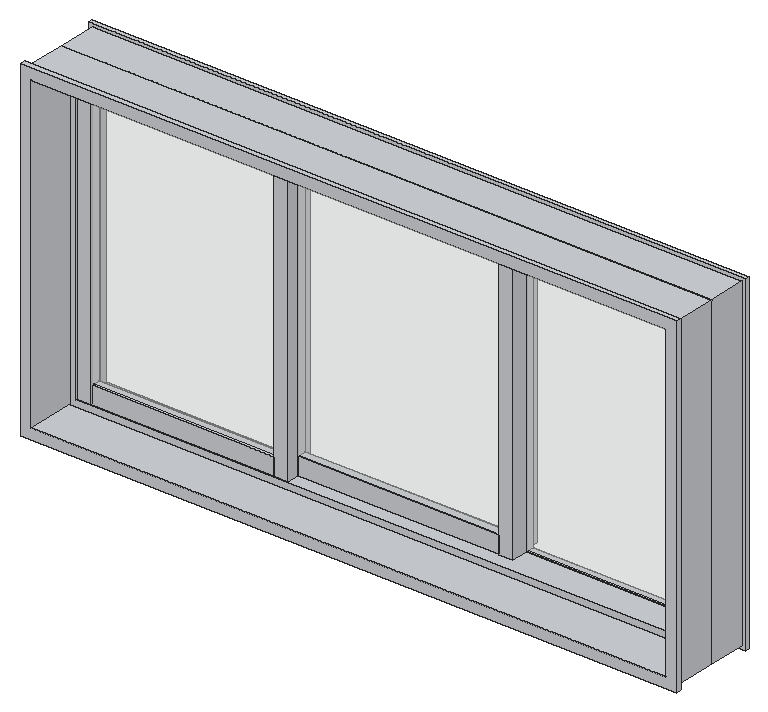
Revit family "APL Residential Thermal Heart Sliding Window SSF", category Windows, host Wall, Revit 2017 (continued)
Definition of nested family "APL Residential Thermal Heart Sliding Window SSF Horizontal Section"
  Definition of nested family "Jamb Multislider Fixed"
    Definition of nested family "65410_Frame"
      Lines and regions (mm)
        model lines, in view "Ref. Level"
          curve 124: arc (63.285, -12.958, 0) -> (64.2, -13.2, 0) -> (65.115, -12.958, 0) r 1.85
          curve 125: arc (65.115, -12.958, 0) -> (65.281, -12.888, 0) -> (65.459, -12.86, 0) r 0.75
          curve 126: arc (65.459, -12.86, 0) -> (65.663, -12.808, 0) -> (65.828, -12.676, 0) r 0.5
          curve 127: arc (65.828, -12.676, 0) -> (66.3, -11.35, 0) -> (65.828, -10.024, 0) r 2.1
          curve 128: arc (65.828, -10.024, 0) -> (65.663, -9.892, 0) -> (65.459, -9.84, 0) r 0.5
          curve 129: arc (65.459, -9.84, 0) -> (65.281, -9.812, 0) -> (65.115, -9.742, 0) r 0.75
          curve 130: arc (65.115, -9.742, 0) -> (63.721, -9.563, 0) -> (62.604, -10.415, 0) r 1.85
          curve 131: arc (62.604, -10.415, 0) -> (61.577, -10.683, 0) -> (61.309, -9.657, 0) r 0.75
          curve 132: arc (61.309, -9.657, 0) -> (62.349, -8.558, 0) -> (63.765, -8.028, 0) r 3.35
          curve 133: arc (63.765, -8.028, 0) -> (64.076, -7.862, 0) -> (64.2, -7.533, 0) r 0.5
          curve 134: arc (64.2, 1.517, 0) -> (64.489, 3.435, 0) -> (65.33, 5.182, 0) r 6.5
          curve 135: arc (65.33, 5.182, 0) -> (65.978, 6.526, 0) -> (66.2, 8, 0) r 5
          curve 136: arc (66.2, 17.1, 0) -> (66.054, 17.454, 0) -> (65.7, 17.6, 0) r 0.5
          curve 137: arc (47, 17.6, 0) -> (46.646, 17.454, 0) -> (46.5, 17.1, 0) r 0.5
          curve 138: arc (46.5, 12.5, 0) -> (46.409, 11.986, 0) -> (46.147, 11.533, 0) r 1.5
          curve 139: arc (24.183, -15.774, 0) -> (24.053, -15.838, 0) -> (24, -15.973, 0) r 0.2
          curve 140: arc (24.399, -18.321, 0) -> (24.668, -18.608, 0) -> (25.06, -18.613, 0) r 0.5
          curve 141: arc (25.06, -18.613, 0) -> (25.211, -18.697, 0) -> (25.38, -18.663, 0) r 0.25
          curve 142: arc (25.466, -18.611, 0) -> (25.572, -18.479, 0) -> (25.569, -18.309, 0) r 0.25
          curve 143: arc (26.823, -17.544, 0) -> (26.898, -17.511, 0) -> (26.979, -17.5, 0) r 0.3
          curve 144: arc (27.5, -17.5, 0) -> (27.658, -17.578, 0) -> (27.694, -17.75, 0) r 0.2
          curve 145: arc (27.5, -21.753, 0) -> (27.526, -21.875, 0) -> (27.6, -21.976, 0) r 0.3
          curve 146: arc (27.6, -21.976, 0) -> (27.68, -22.307, 0) -> (27.4, -22.5, 0) r 0.3
          curve 147: arc (25.179, -21.957, 0) -> (25.09, -21.905, 0) -> (25.038, -21.816, 0) r 0.2
          curve 148: arc (24.993, -21.648, 0) -> (24.852, -21.507, 0) -> (24.659, -21.559, 0) r 0.2
          curve 149: arc (24.295, -21.922, 0) -> (24.235, -22.008, 0) -> (24.208, -22.108, 0) r 0.3
          curve 150: arc (24.001, -24.474, 0) -> (24.117, -24.738, 0) -> (24.403, -24.782, 0) r 0.3
          curve 151: arc (25.813, -24.268, 0) -> (25.939, -24.181, 0) -> (26.005, -24.043, 0) r 0.3
          curve 152: arc (26.005, -24.043, 0) -> (26.278, -23.801, 0) -> (26.583, -24, 0) r 0.3
          curve 153: arc (28.9, -24, 0) -> (29.254, -23.854, 0) -> (29.4, -23.5, 0) r 0.5
          curve 154: arc (29.4, -17.9, 0) -> (29.546, -17.546, 0) -> (29.9, -17.4, 0) r 0.499
          curve 155: arc (37.767, -17.4, 0) -> (38.931, -17.165, 0) -> (39.913, -16.497, 0) r 2.996
          curve 156: arc (39.913, -16.497, 0) -> (40.232, -16.27, 0) -> (40.611, -16.169, 0) r 1.1
          curve 157: arc (68.1, -15.1, 0) -> (68.241, -15.159, 0) -> (68.3, -15.3, 0) r 0.2
          curve 158: arc (68.3, -23.5, 0) -> (68.446, -23.854, 0) -> (68.8, -24, 0) r 0.5
          curve 159: arc (71.117, -24, 0) -> (71.422, -23.801, 0) -> (71.695, -24.043, 0) r 0.3
          curve 160: arc (71.695, -24.043, 0) -> (71.761, -24.181, 0) -> (71.887, -24.268, 0) r 0.3
          curve 161: arc (73.297, -24.782, 0) -> (73.583, -24.738, 0) -> (73.699, -24.474, 0) r 0.3
          curve 162: arc (73.492, -22.108, 0) -> (73.465, -22.008, 0) -> (73.405, -21.922, 0) r 0.3
          curve 163: arc (73.041, -21.559, 0) -> (72.848, -21.507, 0) -> (72.707, -21.648, 0) r 0.2
          curve 164: arc (72.662, -21.816, 0) -> (72.61, -21.905, 0) -> (72.521, -21.957, 0) r 0.2
          curve 165: arc (70.3, -22.5, 0) -> (70.02, -22.307, 0) -> (70.1, -21.976, 0) r 0.3
          curve 166: arc (70.1, -21.976, 0) -> (70.174, -21.875, 0) -> (70.2, -21.753, 0) r 0.3
          curve 167: arc (70.006, -17.75, 0) -> (70.042, -17.578, 0) -> (70.2, -17.5, 0) r 0.2
          curve 168: arc (70.721, -17.5, 0) -> (70.802, -17.511, 0) -> (70.877, -17.544, 0) r 0.3
          curve 169: arc (72.131, -18.309, 0) -> (72.128, -18.479, 0) -> (72.234, -18.611, 0) r 0.25
          curve 170: arc (72.32, -18.663, 0) -> (72.572, -18.668, 0) -> (72.7, -18.45, 0) r 0.25
          curve 171: arc (72.7, -16.876, 0) -> (72.618, -16.478, 0) -> (72.385, -16.146, 0) r 1
          curve 172: arc (72.385, -16.146, 0) -> (72.322, -16, 0) -> (72.385, -15.854, 0) r 0.2
          curve 173: arc (72.385, -15.854, 0) -> (72.618, -15.523, 0) -> (72.7, -15.126, 0) r 1
          curve 174: arc (72.7, -13.551, 0) -> (72.573, -13.332, 0) -> (72.32, -13.337, 0) r 0.25
          curve 175: arc (72.234, -13.389, 0) -> (72.128, -13.521, 0) -> (72.131, -13.691, 0) r 0.25
          curve 176: arc (70.877, -14.456, 0) -> (70.802, -14.489, 0) -> (70.721, -14.5, 0) r 0.3
          curve 177: arc (70.2, -14.5, 0) -> (70.042, -14.422, 0) -> (70.006, -14.25, 0) r 0.2
          curve 178: arc (70.2, -10.247, 0) -> (70.174, -10.124, 0) -> (70.1, -10.024, 0) r 0.3
          curve 179: arc (70.1, -10.024, 0) -> (70.02, -9.693, 0) -> (70.3, -9.5, 0) r 0.3
          curve 180: arc (72.521, -10.043, 0) -> (72.61, -10.095, 0) -> (72.662, -10.184, 0) r 0.2
          curve 181: arc (72.707, -10.352, 0) -> (72.848, -10.493, 0) -> (73.041, -10.441, 0) r 0.2
          curve 182: arc (73.405, -10.078, 0) -> (73.465, -9.992, 0) -> (73.492, -9.892, 0) r 0.3
          curve 183: arc (73.699, -7.526, 0) -> (73.583, -7.262, 0) -> (73.297, -7.218, 0) r 0.3
          curve 184: arc (71.887, -7.732, 0) -> (71.761, -7.819, 0) -> (71.695, -7.957, 0) r 0.3
          curve 185: arc (71.695, -7.957, 0) -> (71.422, -8.199, 0) -> (71.117, -8, 0) r 0.3
          curve 186: arc (66.201, -8, 0) -> (65.847, -7.854, 0) -> (65.7, -7.5, 0) r 0.5
          curve 187: arc (65.7, 1.519, 0) -> (65.922, 2.994, 0) -> (66.57, 4.337, 0) r 5
          curve 188: arc (66.57, 4.337, 0) -> (67.411, 6.083, 0) -> (67.7, 8, 0) r 6.5
          curve 189: arc (67.7, 9.1, 0) -> (67.759, 9.241, 0) -> (67.9, 9.3, 0) r 0.2
          curve 190: arc (69.3, 9.3, 0) -> (69.441, 9.241, 0) -> (69.5, 9.1, 0) r 0.2
          curve 191: arc (69.5, 8.8, 0) -> (70, 8.299, 0) -> (70.5, 8.8, 0) r 0.5
          curve 192: arc (70.5, 11.351, 0) -> (69.999, 11.85, 0) -> (69.5, 11.35, 0) r 0.5
          curve 193: arc (69.5, 10.5, 0) -> (69.441, 10.359, 0) -> (69.3, 10.3, 0) r 0.2
          curve 194: arc (67.9, 10.3, 0) -> (67.759, 10.359, 0) -> (67.7, 10.5, 0) r 0.2
          curve 195: arc (67.7, 17.8, 0) -> (67.759, 17.941, 0) -> (67.9, 18, 0) r 0.2
          curve 196: arc (69.3, 18, 0) -> (69.441, 17.941, 0) -> (69.5, 17.8, 0) r 0.2
          curve 197: arc (69.5, 16.95, 0) -> (70, 16.449, 0) -> (70.5, 16.95, 0) r 0.5
          curve 198: arc (70.5, 18.499, 0) -> (70.354, 18.853, 0) -> (70, 19, 0) r 0.5
          curve 199: arc (42.7, 19, 0) -> (42.559, 18.941, 0) -> (42.5, 18.8, 0) r 0.2
          curve 200: arc (42.5, 17.25, 0) -> (43, 16.749, 0) -> (43.5, 17.25, 0) r 0.5
          curve 201: arc (43.5, 17.8, 0) -> (43.559, 17.941, 0) -> (43.7, 18, 0) r 0.2
          curve 202: arc (44.8, 18, 0) -> (44.941, 17.941, 0) -> (45, 17.8, 0) r 0.2
          curve 203: arc (45, 12.7, 0) -> (44.941, 12.559, 0) -> (44.8, 12.5, 0) r 0.2
          curve 204: arc (43.7, 12.5, 0) -> (43.559, 12.559, 0) -> (43.5, 12.7, 0) r 0.2
          curve 205: arc (43.5, 13.25, 0) -> (43, 13.749, 0) -> (42.5, 13.25, 0) r 0.5
          curve 206: arc (42.5, 12.5, 0) -> (42.793, 11.793, 0) -> (43.5, 11.5, 0) r 1
          curve 207: arc (44.395, 11.5, 0) -> (44.539, 11.443, 0) -> (44.6, 11.3, 0) r 0.202
          curve 208: arc (44.6, 0.2, 0) -> (44.538, 0.058, 0) -> (44.395, 0, 0) r 0.205
          curve 209: arc (26.583, 0, 0) -> (26.278, -0.199, 0) -> (26.005, 0.043, 0) r 0.3
          curve 210: arc (26.005, 0.043, 0) -> (25.939, 0.181, 0) -> (25.813, 0.268, 0) r 0.3
          curve 211: arc (24.403, 0.782, 0) -> (24.117, 0.738, 0) -> (24.001, 0.474, 0) r 0.3
          curve 212: arc (24.208, -1.892, 0) -> (24.235, -1.992, 0) -> (24.295, -2.078, 0) r 0.3
          curve 213: arc (24.659, -2.441, 0) -> (24.852, -2.493, 0) -> (24.993, -2.352, 0) r 0.2
          curve 214: arc (25.038, -2.184, 0) -> (25.09, -2.095, 0) -> (25.179, -2.043, 0) r 0.2
          curve 215: arc (27.4, -1.5, 0) -> (27.68, -1.693, 0) -> (27.6, -2.024, 0) r 0.3
          curve 216: arc (27.6, -2.024, 0) -> (27.526, -2.125, 0) -> (27.5, -2.247, 0) r 0.3
          curve 217: arc (27.694, -6.25, 0) -> (27.658, -6.422, 0) -> (27.5, -6.5, 0) r 0.2
          curve 218: arc (26.979, -6.5, 0) -> (26.898, -6.489, 0) -> (26.823, -6.456, 0) r 0.3
          curve 219: arc (25.569, -5.691, 0) -> (25.572, -5.521, 0) -> (25.466, -5.389, 0) r 0.25
          curve 220: arc (25.38, -5.337, 0) -> (25.128, -5.332, 0) -> (25, -5.55, 0) r 0.25
          curve 221: arc (25, -7.126, 0) -> (25.128, -7.615, 0) -> (25.479, -7.979, 0) r 1
          curve 222: line (46.1, 11.405, 0) -> (46.1, 0.2, 0)
          curve 223: line (44.4, -1.5, 0) -> (29.9, -1.5, 0)
          curve 224: line (29.4, -2, 0) -> (29.4, -15.099, 0)
          curve 225: line (29.9, -15.6, 0) -> (36.605, -15.6, 0)
          curve 226: line (39.189, -14.379, 0) -> (53.629, -13.2, 0)
          curve 227: line (53.629, -13.2, 0) -> (62.286, -13.2, 0)
          curve 228: line (64.2, -7.533, 0) -> (64.2, 1.517, 0)
          curve 229: line (66.2, 8, 0) -> (66.2, 17.1, 0)
          curve 230: line (65.7, 17.6, 0) -> (47, 17.6, 0)
          curve 231: line (46.5, 17.1, 0) -> (46.5, 12.5, 0)
          curve 232: line (27.317, -15.499, 0) -> (24.183, -15.774, 0)
          curve 233: line (24, -15.973, 0) -> (24, -17.189, 0)
          curve 234: line (24, -17.189, 0) -> (24.399, -18.321, 0)
          curve 235: line (25.569, -18.309, 0) -> (26.823, -17.544, 0)
          curve 236: line (26.823, -17.544, 0) -> (27.5, -17.5, 0)
          curve 237: line (27.694, -17.75, 0) -> (27.5, -18.5, 0)
          curve 238: line (27.506, -18.475, 0) -> (27.5, -21.753, 0)
          curve 239: line (27.246, -22.5, 0) -> (25.179, -21.957, 0)
          curve 240: line (25.179, -21.957, 0) -> (24.993, -21.648, 0)
          curve 241: line (24.659, -21.559, 0) -> (24.295, -21.922, 0)
          curve 242: line (24.208, -22.108, 0) -> (24.001, -24.474, 0)
          curve 243: line (24.403, -24.782, 0) -> (25.813, -24.268, 0)
          curve 244: line (26.583, -24, 0) -> (28.9, -24, 0)
          curve 245: line (29.4, -23.5, 0) -> (29.4, -17.9, 0)
          curve 246: line (29.9, -17.4, 0) -> (33.5, -17.4, 0)
          curve 247: line (33.5, -17.4, 0) -> (33.9, -17, 0)
          curve 248: line (33.9, -17, 0) -> (34.3, -17.4, 0)
          curve 249: line (34.3, -17.4, 0) -> (37.767, -17.4, 0)
          curve 250: line (40.611, -16.169, 0) -> (53.707, -15.1, 0)
          curve 251: line (53.707, -15.1, 0) -> (58.307, -15.1, 0)
          curve 252: line (58.307, -15.1, 0) -> (58.707, -14.7, 0)
          curve 253: line (58.707, -14.7, 0) -> (59.107, -15.1, 0)
          curve 254: line (59.107, -15.1, 0) -> (68.1, -15.1, 0)
          curve 255: line (68.3, -15.3, 0) -> (68.3, -23.5, 0)
          curve 256: line (68.8, -24, 0) -> (71.117, -24, 0)
          curve 257: line (71.887, -24.268, 0) -> (73.297, -24.782, 0)
          curve 258: line (73.699, -24.474, 0) -> (73.492, -22.108, 0)
          curve 259: line (73.405, -21.922, 0) -> (73.041, -21.559, 0)
          curve 260: line (72.707, -21.648, 0) -> (72.662, -21.816, 0)
          curve 261: line (72.662, -21.816, 0) -> (70.532, -22.49, 0)
          curve 262: line (70.532, -22.49, 0) -> (70.3, -22.5, 0)
          curve 263: line (70.2, -21.753, 0) -> (70.2, -18.525, 0)
          curve 264: line (70.2, -18.525, 0) -> (70.006, -17.75, 0)
          curve 265: line (70.2, -17.5, 0) -> (70.721, -17.5, 0)
          curve 266: line (70.721, -17.5, 0) -> (72.131, -18.309, 0)
          curve 267: line (72.7, -18.45, 0) -> (72.7, -16.876, 0)
          curve 268: line (72.7, -15.126, 0) -> (72.7, -13.551, 0)
          curve 269: line (72.131, -13.691, 0) -> (70.877, -14.456, 0)
          curve 270: line (70.877, -14.456, 0) -> (70.2, -14.5, 0)
          curve 271: line (70.006, -14.25, 0) -> (70.2, -13.5, 0)
          curve 272: line (70.194, -13.525, 0) -> (70.2, -10.248, 0)
          curve 273: line (70.454, -9.5, 0) -> (72.521, -10.043, 0)
          curve 274: line (72.521, -10.043, 0) -> (72.707, -10.352, 0)
          curve 275: line (73.041, -10.441, 0) -> (73.405, -10.078, 0)
          curve 276: line (73.492, -9.892, 0) -> (73.699, -7.526, 0)
          curve 277: line (73.297, -7.218, 0) -> (71.887, -7.732, 0)
          curve 278: line (71.117, -8, 0) -> (66.201, -8, 0)
          curve 279: line (65.7, -7.5, 0) -> (65.7, 1.519, 0)
          curve 280: line (67.7, 8, 0) -> (67.7, 9.1, 0)
          curve 281: line (67.9, 9.3, 0) -> (69.3, 9.3, 0)
          curve 282: line (69.5, 9.1, 0) -> (69.5, 8.8, 0)
          curve 283: line (70.5, 8.8, 0) -> (70.5, 11.351, 0)
          curve 284: line (69.5, 11.35, 0) -> (69.5, 10.5, 0)
          curve 285: line (69.3, 10.3, 0) -> (67.9, 10.3, 0)
          curve 286: line (67.7, 10.5, 0) -> (67.7, 17.8, 0)
          curve 287: line (67.9, 18, 0) -> (69.3, 18, 0)
          curve 288: line (69.5, 17.8, 0) -> (69.5, 16.95, 0)
          curve 289: line (70.5, 16.95, 0) -> (70.5, 18.499, 0)
          curve 290: line (70, 19, 0) -> (42.7, 19, 0)
          curve 291: line (42.5, 18.8, 0) -> (42.5, 17.25, 0)
          curve 292: line (43.5, 17.25, 0) -> (43.5, 17.8, 0)
          curve 293: line (43.7, 18, 0) -> (44.8, 18, 0)
          curve 294: line (45, 17.8, 0) -> (45, 12.7, 0)
          curve 295: line (44.8, 12.5, 0) -> (43.7, 12.5, 0)
          curve 296: line (43.5, 12.7, 0) -> (43.5, 13.25, 0)
          curve 297: line (42.5, 13.25, 0) -> (42.5, 12.5, 0)
          curve 298: line (43.5, 11.5, 0) -> (44.395, 11.5, 0)
          curve 299: line (44.6, 11.3, 0) -> (44.6, 0.2, 0)
          curve 300: line (44.395, 0, 0) -> (34.3, 0, 0)
          curve 301: line (34.3, 0, 0) -> (33.9, -0.4, 0)
          curve 302: line (33.9, -0.4, 0) -> (33.5, 0, 0)
          curve 303: line (33.5, 0, 0) -> (26.583, 0, 0)
          curve 304: line (25.813, 0.268, 0) -> (24.403, 0.782, 0)
          curve 305: line (24.001, 0.474, 0) -> (24.208, -1.892, 0)
          curve 306: line (24.295, -2.078, 0) -> (24.659, -2.441, 0)
          curve 307: line (24.993, -2.352, 0) -> (25.038, -2.184, 0)
          curve 308: line (25.038, -2.184, 0) -> (27.168, -1.51, 0)
          curve 309: line (27.168, -1.51, 0) -> (27.4, -1.5, 0)
          curve 310: line (27.5, -2.247, 0) -> (27.5, -5.475, 0)
          curve 311: line (27.5, -5.475, 0) -> (27.694, -6.25, 0)
          curve 312: line (27.5, -6.5, 0) -> (26.979, -6.5, 0)
          curve 313: line (26.979, -6.5, 0) -> (25.569, -5.691, 0)
          curve 314: line (25, -5.55, 0) -> (25, -7.126, 0)
          curve 315: line (25.479, -7.979, 0) -> (26.284, -8.471, 0)
          curve 316: line (26.284, -8.471, 0) -> (27.5, -8.5, 0)
          curve 317: line (27.5, -8.5, 0) -> (27.5, -15.3, 0)
          curve 318: arc (27.5, -15.3, 0) -> (27.447, -15.435, 0) -> (27.317, -15.499, 0) r 0.2
          curve 319: arc (12.7, -21.8, 0) -> (12.817, -22.083, 0) -> (13.1, -22.2, 0) r 0.4
          curve 320: arc (13.393, -22.2, 0) -> (13.496, -22.186, 0) -> (13.593, -22.146, 0) r 0.4
          curve 321: arc (15.121, -21.262, 0) -> (15.411, -21.141, 0) -> (15.722, -21.1, 0) r 1.2
          curve 322: arc (16.645, -21.1, 0) -> (17.218, -20.919, 0) -> (17.584, -20.442, 0) r 1
          curve 323: arc (18.377, -18.263, 0) -> (18.524, -18.072, 0) -> (18.753, -18, 0) r 0.4
          curve 324: arc (21.447, -18, 0) -> (21.676, -18.072, 0) -> (21.823, -18.263, 0) r 0.4
          curve 325: arc (22.616, -20.442, 0) -> (22.982, -20.919, 0) -> (23.555, -21.1, 0) r 1
          curve 326: arc (24.478, -21.1, 0) -> (24.789, -21.141, 0) -> (25.079, -21.262, 0) r 1.2
          curve 327: arc (26.607, -22.146, 0) -> (26.704, -22.186, 0) -> (26.807, -22.2, 0) r 0.4
          curve 328: arc (27.1, -22.2, 0) -> (27.383, -22.083, 0) -> (27.5, -21.8, 0) r 0.4
          curve 329: arc (27.5, -18.4, 0) -> (27.383, -18.117, 0) -> (27.1, -18, 0) r 0.4
          curve 330: arc (26.807, -18, 0) -> (26.704, -18.014, 0) -> (26.607, -18.054, 0) r 0.4
          curve 331: arc (25.079, -18.939, 0) -> (24.785, -19.06, 0) -> (24.47, -19.1, 0) r 1.2
          curve 332: arc (24.47, -19.1, 0) -> (24.295, -19.047, 0) -> (24.184, -18.903, 0) r 0.3
          curve 333: arc (23.296, -16.463, 0) -> (23.149, -16.272, 0) -> (22.92, -16.2, 0) r 0.4
          curve 334: arc (17.28, -16.2, 0) -> (17.051, -16.272, 0) -> (16.904, -16.463, 0) r 0.4
          curve 335: arc (16.016, -18.903, 0) -> (15.905, -19.047, 0) -> (15.73, -19.1, 0) r 0.3
          curve 336: arc (15.73, -19.1, 0) -> (15.415, -19.06, 0) -> (15.121, -18.939, 0) r 1.2
          curve 337: arc (13.593, -18.054, 0) -> (13.496, -18.014, 0) -> (13.393, -18, 0) r 0.4
          curve 338: arc (13.1, -18, 0) -> (12.817, -18.117, 0) -> (12.7, -18.4, 0) r 0.4
          curve 339: line (13.1, -22.2, 0) -> (13.393, -22.2, 0)
          curve 340: line (13.593, -22.146, 0) -> (15.121, -21.262, 0)
          curve 341: line (15.722, -21.1, 0) -> (16.645, -21.1, 0)
          curve 342: line (17.584, -20.442, 0) -> (18.377, -18.263, 0)
          curve 343: line (18.753, -18, 0) -> (21.447, -18, 0)
          curve 344: line (21.823, -18.263, 0) -> (22.616, -20.442, 0)
          curve 345: line (23.555, -21.1, 0) -> (24.478, -21.1, 0)
          curve 346: line (25.079, -21.262, 0) -> (26.607, -22.146, 0)
          curve 347: line (26.807, -22.2, 0) -> (27.1, -22.2, 0)
          curve 348: line (27.5, -21.8, 0) -> (27.5, -18.4, 0)
          curve 349: line (27.1, -18, 0) -> (26.807, -18, 0)
          curve 350: line (26.607, -18.054, 0) -> (25.079, -18.939, 0)
          curve 351: line (24.184, -18.903, 0) -> (23.296, -16.463, 0)
          curve 352: line (22.92, -16.2, 0) -> (17.28, -16.2, 0)
          curve 353: line (16.904, -16.463, 0) -> (16.016, -18.903, 0)
          curve 354: line (15.121, -18.939, 0) -> (13.593, -18.054, 0)
          curve 355: line (13.393, -18, 0) -> (13.1, -18, 0)
          curve 356: line (12.7, -18.4, 0) -> (12.7, -21.8, 0)
          curve 357: arc (12.7, -5.6, 0) -> (12.817, -5.883, 0) -> (13.1, -6, 0) r 0.4
          curve 358: arc (13.393, -6, 0) -> (13.496, -5.986, 0) -> (13.593, -5.946, 0) r 0.4
          curve 359: arc (15.121, -5.062, 0) -> (15.411, -4.941, 0) -> (15.722, -4.9, 0) r 1.2
          curve 360: arc (16.645, -4.9, 0) -> (17.218, -4.719, 0) -> (17.584, -4.242, 0) r 1
          curve 361: arc (18.377, -2.063, 0) -> (18.524, -1.872, 0) -> (18.753, -1.8, 0) r 0.4
          curve 362: arc (21.447, -1.8, 0) -> (21.676, -1.872, 0) -> (21.823, -2.063, 0) r 0.4
          curve 363: arc (22.616, -4.242, 0) -> (22.982, -4.719, 0) -> (23.555, -4.9, 0) r 1
          curve 364: arc (24.478, -4.9, 0) -> (24.789, -4.941, 0) -> (25.079, -5.062, 0) r 1.2
          curve 365: arc (26.607, -5.946, 0) -> (26.704, -5.986, 0) -> (26.807, -6, 0) r 0.4
          curve 366: arc (27.1, -6, 0) -> (27.383, -5.883, 0) -> (27.5, -5.6, 0) r 0.4
          curve 367: arc (27.5, -2.2, 0) -> (27.383, -1.917, 0) -> (27.1, -1.8, 0) r 0.4
          curve 368: arc (26.807, -1.8, 0) -> (26.704, -1.814, 0) -> (26.607, -1.854, 0) r 0.4
          curve 369: arc (25.079, -2.739, 0) -> (24.785, -2.86, 0) -> (24.47, -2.9, 0) r 1.2
          curve 370: arc (24.47, -2.9, 0) -> (24.295, -2.847, 0) -> (24.184, -2.703, 0) r 0.3
          curve 371: arc (23.296, -0.263, 0) -> (23.149, -0.072, 0) -> (22.92, 0, 0) r 0.4
          curve 372: arc (17.28, 0, 0) -> (17.051, -0.072, 0) -> (16.904, -0.263, 0) r 0.4
          curve 373: arc (16.016, -2.703, 0) -> (15.905, -2.847, 0) -> (15.73, -2.9, 0) r 0.3
          curve 374: arc (15.73, -2.9, 0) -> (15.415, -2.86, 0) -> (15.121, -2.739, 0) r 1.2
          curve 375: arc (13.593, -1.854, 0) -> (13.496, -1.814, 0) -> (13.393, -1.8, 0) r 0.4
          curve 376: arc (13.1, -1.8, 0) -> (12.817, -1.917, 0) -> (12.7, -2.2, 0) r 0.4
          curve 377: line (13.1, -6, 0) -> (13.393, -6, 0)
          curve 378: line (13.593, -5.946, 0) -> (15.121, -5.062, 0)
          curve 379: line (15.722, -4.9, 0) -> (16.645, -4.9, 0)
          curve 380: line (17.584, -4.242, 0) -> (18.377, -2.063, 0)
          curve 381: line (18.753, -1.8, 0) -> (21.447, -1.8, 0)
          curve 382: line (21.823, -2.063, 0) -> (22.616, -4.242, 0)
          curve 383: line (23.555, -4.9, 0) -> (24.478, -4.9, 0)
          curve 384: line (25.079, -5.062, 0) -> (26.607, -5.946, 0)
          curve 385: line (26.807, -6, 0) -> (27.1, -6, 0)
          curve 386: line (27.5, -5.6, 0) -> (27.5, -2.2, 0)
          curve 387: line (27.1, -1.8, 0) -> (26.807, -1.8, 0)
          curve 388: line (26.607, -1.854, 0) -> (25.079, -2.739, 0)
          curve 389: line (24.184, -2.703, 0) -> (23.296, -0.263, 0)
          curve 390: line (22.92, 0, 0) -> (17.28, 0, 0)
          curve 391: line (16.904, -0.263, 0) -> (16.016, -2.703, 0)
          curve 392: line (15.121, -2.739, 0) -> (13.593, -1.854, 0)
          curve 393: line (13.393, -1.8, 0) -> (13.1, -1.8, 0)
          curve 394: line (12.7, -2.2, 0) -> (12.7, -5.6, 0)
          curve 395: arc (70.2, -13.6, 0) -> (70.317, -13.883, 0) -> (70.6, -14, 0) r 0.4
          curve 396: arc (70.893, -14, 0) -> (70.996, -13.986, 0) -> (71.093, -13.946, 0) r 0.4
          curve 397: arc (72.621, -13.061, 0) -> (72.911, -12.941, 0) -> (73.222, -12.9, 0) r 1.2
          curve 398: arc (74.145, -12.9, 0) -> (74.718, -12.719, 0) -> (75.084, -12.242, 0) r 1
          curve 399: arc (75.877, -10.063, 0) -> (76.024, -9.872, 0) -> (76.253, -9.8, 0) r 0.4
          curve 400: arc (78.947, -9.8, 0) -> (79.176, -9.872, 0) -> (79.323, -10.063, 0) r 0.4
          curve 401: arc (80.116, -12.242, 0) -> (80.482, -12.719, 0) -> (81.055, -12.9, 0) r 1
          curve 402: arc (81.978, -12.9, 0) -> (82.289, -12.941, 0) -> (82.579, -13.061, 0) r 1.2
          curve 403: arc (84.107, -13.946, 0) -> (84.204, -13.986, 0) -> (84.307, -14, 0) r 0.4
          curve 404: arc (84.6, -14, 0) -> (84.883, -13.883, 0) -> (85, -13.6, 0) r 0.4
          curve 405: arc (85, -10.2, 0) -> (84.883, -9.917, 0) -> (84.6, -9.8, 0) r 0.4
          curve 406: arc (84.307, -9.8, 0) -> (84.204, -9.814, 0) -> (84.107, -9.854, 0) r 0.4
          curve 407: arc (82.579, -10.739, 0) -> (82.285, -10.86, 0) -> (81.97, -10.9, 0) r 1.2
          curve 408: arc (81.97, -10.9, 0) -> (81.795, -10.847, 0) -> (81.684, -10.703, 0) r 0.3
          curve 409: arc (80.796, -8.263, 0) -> (80.649, -8.072, 0) -> (80.42, -8, 0) r 0.4
          curve 410: arc (74.78, -8, 0) -> (74.551, -8.072, 0) -> (74.404, -8.263, 0) r 0.4
          curve 411: arc (73.516, -10.703, 0) -> (73.405, -10.847, 0) -> (73.23, -10.9, 0) r 0.3
          curve 412: arc (73.23, -10.9, 0) -> (72.915, -10.86, 0) -> (72.621, -10.739, 0) r 1.2
          curve 413: arc (71.093, -9.854, 0) -> (70.996, -9.814, 0) -> (70.893, -9.8, 0) r 0.4
          curve 414: arc (70.6, -9.8, 0) -> (70.317, -9.917, 0) -> (70.2, -10.2, 0) r 0.4
          curve 415: line (70.6, -14, 0) -> (70.893, -14, 0)
          curve 416: line (71.093, -13.946, 0) -> (72.621, -13.061, 0)
          curve 417: line (73.222, -12.9, 0) -> (74.145, -12.9, 0)
          curve 418: line (75.084, -12.242, 0) -> (75.877, -10.063, 0)
          curve 419: line (76.253, -9.8, 0) -> (78.947, -9.8, 0)
          curve 420: line (79.323, -10.063, 0) -> (80.116, -12.242, 0)
          curve 421: line (81.055, -12.9, 0) -> (81.978, -12.9, 0)
          curve 422: line (82.579, -13.061, 0) -> (84.107, -13.946, 0)
          curve 423: line (84.307, -14, 0) -> (84.6, -14, 0)
          curve 424: line (85, -13.6, 0) -> (85, -10.2, 0)
          curve 425: line (84.6, -9.8, 0) -> (84.307, -9.8, 0)
          curve 426: line (84.107, -9.854, 0) -> (82.579, -10.739, 0)
          curve 427: line (81.684, -10.703, 0) -> (80.796, -8.263, 0)
          curve 428: line (80.42, -8, 0) -> (74.78, -8, 0)
          curve 429: line (74.404, -8.263, 0) -> (73.516, -10.703, 0)
          curve 430: line (72.621, -10.739, 0) -> (71.093, -9.854, 0)
          curve 431: line (70.893, -9.8, 0) -> (70.6, -9.8, 0)
          curve 432: line (70.2, -10.2, 0) -> (70.2, -13.6, 0)
          curve 433: arc (70.2, -18.4, 0) -> (70.317, -18.117, 0) -> (70.6, -18, 0) r 0.4
          curve 434: arc (70.893, -18, 0) -> (70.996, -18.014, 0) -> (71.093, -18.054, 0) r 0.4
          curve 435: arc (72.621, -18.939, 0) -> (72.911, -19.059, 0) -> (73.222, -19.1, 0) r 1.2
          curve 436: arc (74.145, -19.1, 0) -> (74.718, -19.281, 0) -> (75.084, -19.758, 0) r 1
          curve 437: arc (75.877, -21.937, 0) -> (76.024, -22.128, 0) -> (76.253, -22.2, 0) r 0.4
          curve 438: arc (78.947, -22.2, 0) -> (79.176, -22.128, 0) -> (79.323, -21.937, 0) r 0.4
          curve 439: arc (80.116, -19.758, 0) -> (80.482, -19.281, 0) -> (81.055, -19.1, 0) r 1
          curve 440: arc (81.978, -19.1, 0) -> (82.289, -19.059, 0) -> (82.579, -18.939, 0) r 1.2
          curve 441: arc (84.107, -18.054, 0) -> (84.204, -18.014, 0) -> (84.307, -18, 0) r 0.4
          curve 442: arc (84.6, -18, 0) -> (84.883, -18.117, 0) -> (85, -18.4, 0) r 0.4
          curve 443: arc (85, -21.8, 0) -> (84.883, -22.083, 0) -> (84.6, -22.2, 0) r 0.4
          curve 444: arc (84.307, -22.2, 0) -> (84.204, -22.186, 0) -> (84.107, -22.146, 0) r 0.4
          curve 445: arc (82.579, -21.262, 0) -> (82.285, -21.14, 0) -> (81.97, -21.1, 0) r 1.2
          curve 446: arc (81.97, -21.1, 0) -> (81.795, -21.153, 0) -> (81.684, -21.297, 0) r 0.3
          curve 447: arc (80.796, -23.737, 0) -> (80.649, -23.928, 0) -> (80.42, -24, 0) r 0.4
          curve 448: arc (74.78, -24, 0) -> (74.551, -23.928, 0) -> (74.404, -23.737, 0) r 0.4
          curve 449: arc (73.516, -21.297, 0) -> (73.405, -21.153, 0) -> (73.23, -21.1, 0) r 0.3
          curve 450: arc (73.23, -21.1, 0) -> (72.915, -21.14, 0) -> (72.621, -21.262, 0) r 1.2
          curve 451: arc (71.093, -22.146, 0) -> (70.996, -22.186, 0) -> (70.893, -22.2, 0) r 0.4
          curve 452: arc (70.6, -22.2, 0) -> (70.317, -22.083, 0) -> (70.2, -21.8, 0) r 0.4
          curve 453: line (70.6, -18, 0) -> (70.893, -18, 0)
          curve 454: line (71.093, -18.054, 0) -> (72.621, -18.939, 0)
          curve 455: line (73.222, -19.1, 0) -> (74.145, -19.1, 0)
          curve 456: line (75.084, -19.758, 0) -> (75.877, -21.937, 0)
          curve 457: line (76.253, -22.2, 0) -> (78.947, -22.2, 0)
          curve 458: line (79.323, -21.937, 0) -> (80.116, -19.758, 0)
          curve 459: line (81.055, -19.1, 0) -> (81.978, -19.1, 0)
          curve 460: line (82.579, -18.939, 0) -> (84.107, -18.054, 0)
          curve 461: line (84.307, -18, 0) -> (84.6, -18, 0)
          curve 462: line (85, -18.4, 0) -> (85, -21.8, 0)
          curve 463: line (84.6, -22.2, 0) -> (84.307, -22.2, 0)
          curve 464: line (84.107, -22.146, 0) -> (82.579, -21.262, 0)
          curve 465: line (81.684, -21.297, 0) -> (80.796, -23.737, 0)
          curve 466: line (80.42, -24, 0) -> (74.78, -24, 0)
          curve 467: line (74.404, -23.737, 0) -> (73.516, -21.297, 0)
          curve 468: line (72.621, -21.262, 0) -> (71.093, -22.146, 0)
          curve 469: line (70.893, -22.2, 0) -> (70.6, -22.2, 0)
          curve 470: line (70.2, -21.8, 0) -> (70.2, -18.4, 0)
          curve 471: arc (101.9, -10, 0) -> (102.042, -10.059, 0) -> (102.1, -10.2, 0) r 0.2
          curve 472: arc (102.1, -11.1, 0) -> (102.159, -11.241, 0) -> (102.3, -11.3, 0) r 0.2
          curve 473: arc (109.1, -11.3, 0) -> (109.454, -11.154, 0) -> (109.6, -10.8, 0) r 0.5
          curve 474: arc (109.6, -9.5, 0) -> (109.541, -9.359, 0) -> (109.4, -9.3, 0) r 0.2
          curve 475: arc (107.3, -9.3, 0) -> (107.159, -9.241, 0) -> (107.1, -9.1, 0) r 0.2
          curve 476: arc (107.1, -8.2, 0) -> (107.159, -8.059, 0) -> (107.3, -8, 0) r 0.2
          curve 477: arc (112.1, -8, 0) -> (112.454, -7.854, 0) -> (112.6, -7.5, 0) r 0.5
          curve 478: arc (112.6, 9.1, 0) -> (112.541, 9.241, 0) -> (112.4, 9.3, 0) r 0.2
          curve 479: arc (111.7, 9.3, 0) -> (111.559, 9.241, 0) -> (111.5, 9.1, 0) r 0.2
          curve 480: arc (111.5, 8.8, 0) -> (111, 8.3, 0) -> (110.5, 8.8, 0) r 0.5
          curve 481: arc (110.5, 11.35, 0) -> (111, 11.85, 0) -> (111.5, 11.35, 0) r 0.5
          curve 482: arc (111.5, 10.5, 0) -> (111.559, 10.359, 0) -> (111.7, 10.3, 0) r 0.2
          curve 483: arc (112.7, 10.3, 0) -> (112.841, 10.359, 0) -> (112.9, 10.5, 0) r 0.2
          curve 484: arc (112.9, 17.8, 0) -> (112.841, 17.941, 0) -> (112.7, 18, 0) r 0.2
          curve 485: arc (111.701, 18, 0) -> (111.559, 17.942, 0) -> (111.5, 17.8, 0) r 0.2
          curve 486: arc (111.5, 16.95, 0) -> (111, 16.45, 0) -> (110.5, 16.95, 0) r 0.5
          curve 487: arc (110.5, 18.5, 0) -> (110.646, 18.854, 0) -> (111, 19, 0) r 0.5
          curve 488: arc (116, 19, 0) -> (116.354, 18.854, 0) -> (116.5, 18.5, 0) r 0.5
          curve 489: arc (116.5, 16.95, 0) -> (116, 16.45, 0) -> (115.5, 16.95, 0) r 0.5
          curve 490: arc (115.5, 17.8, 0) -> (115.441, 17.941, 0) -> (115.3, 18, 0) r 0.2
          curve 491: arc (114.3, 18, 0) -> (114.159, 17.941, 0) -> (114.1, 17.8, 0) r 0.2
          curve 492: arc (114.1, 10.5, 0) -> (114.159, 10.359, 0) -> (114.3, 10.3, 0) r 0.2
          curve 493: arc (115.3, 10.3, 0) -> (115.441, 10.359, 0) -> (115.5, 10.5, 0) r 0.2
          curve 494: arc (115.5, 11.35, 0) -> (116, 11.85, 0) -> (116.5, 11.35, 0) r 0.5
          curve 495: arc (116.5, 8.8, 0) -> (116, 8.3, 0) -> (115.5, 8.8, 0) r 0.5
          curve 496: arc (115.5, 9.1, 0) -> (115.441, 9.241, 0) -> (115.3, 9.3, 0) r 0.2
          curve 497: arc (114.6, 9.3, 0) -> (114.459, 9.241, 0) -> (114.4, 9.1, 0) r 0.2
          curve 498: arc (114.4, -7.5, 0) -> (114.546, -7.854, 0) -> (114.9, -8, 0) r 0.5
          curve 499: arc (117.117, -8, 0) -> (117.422, -8.199, 0) -> (117.695, -7.957, 0) r 0.3
          curve 500: arc (117.695, -7.957, 0) -> (117.761, -7.819, 0) -> (117.887, -7.732, 0) r 0.3
          curve 501: arc (119.297, -7.218, 0) -> (119.583, -7.262, 0) -> (119.699, -7.526, 0) r 0.3
          curve 502: arc (119.492, -9.892, 0) -> (119.465, -9.992, 0) -> (119.405, -10.078, 0) r 0.3
          curve 503: arc (119.041, -10.441, 0) -> (118.848, -10.493, 0) -> (118.707, -10.352, 0) r 0.2
          curve 504: arc (118.662, -10.184, 0) -> (118.61, -10.095, 0) -> (118.521, -10.043, 0) r 0.2
          curve 505: arc (116.3, -9.5, 0) -> (116.02, -9.693, 0) -> (116.1, -10.024, 0) r 0.3
          curve 506: arc (116.1, -10.024, 0) -> (116.174, -10.125, 0) -> (116.2, -10.247, 0) r 0.3
          curve 507: arc (116.006, -14.25, 0) -> (116.042, -14.422, 0) -> (116.2, -14.5, 0) r 0.2
          curve 508: arc (116.721, -14.5, 0) -> (116.802, -14.489, 0) -> (116.877, -14.456, 0) r 0.3
          curve 509: arc (118.131, -13.691, 0) -> (118.128, -13.521, 0) -> (118.234, -13.389, 0) r 0.25
          curve 510: arc (118.32, -13.337, 0) -> (118.572, -13.332, 0) -> (118.7, -13.55, 0) r 0.25
          curve 511: arc (118.7, -15.126, 0) -> (118.618, -15.523, 0) -> (118.385, -15.854, 0) r 1
          curve 512: arc (118.385, -15.854, 0) -> (118.322, -16, 0) -> (118.385, -16.146, 0) r 0.2
          curve 513: arc (118.385, -16.146, 0) -> (118.618, -16.477, 0) -> (118.7, -16.874, 0) r 1
          curve 514: arc (118.7, -18.45, 0) -> (118.572, -18.668, 0) -> (118.32, -18.663, 0) r 0.25
          curve 515: arc (118.234, -18.611, 0) -> (118.128, -18.479, 0) -> (118.131, -18.309, 0) r 0.25
          curve 516: arc (116.877, -17.544, 0) -> (116.802, -17.511, 0) -> (116.721, -17.5, 0) r 0.3
          curve 517: arc (116.2, -17.5, 0) -> (116.042, -17.578, 0) -> (116.006, -17.75, 0) r 0.2
          curve 518: arc (116.2, -21.753, 0) -> (116.174, -21.875, 0) -> (116.1, -21.976, 0) r 0.3
          curve 519: arc (116.1, -21.976, 0) -> (116.02, -22.307, 0) -> (116.3, -22.5, 0) r 0.3
          curve 520: arc (118.521, -21.957, 0) -> (118.61, -21.905, 0) -> (118.662, -21.816, 0) r 0.2
          curve 521: arc (118.707, -21.648, 0) -> (118.848, -21.507, 0) -> (119.041, -21.559, 0) r 0.2
          curve 522: arc (119.405, -21.922, 0) -> (119.465, -22.008, 0) -> (119.492, -22.108, 0) r 0.3
          curve 523: arc (119.699, -24.474, 0) -> (119.583, -24.738, 0) -> (119.297, -24.782, 0) r 0.3
          curve 524: arc (117.887, -24.268, 0) -> (117.761, -24.181, 0) -> (117.695, -24.043, 0) r 0.3
          curve 525: arc (117.695, -24.043, 0) -> (117.422, -23.801, 0) -> (117.117, -24, 0) r 0.3
          curve 526: arc (114.8, -24, 0) -> (114.446, -23.854, 0) -> (114.3, -23.5, 0) r 0.5
          curve 527: arc (114.3, -19, 0) -> (114.241, -18.859, 0) -> (114.1, -18.8, 0) r 0.2
          curve 528: arc (105.3, -18.8, 0) -> (104.946, -18.654, 0) -> (104.8, -18.3, 0) r 0.5
          curve 529: arc (104.8, -17.8, 0) -> (104.946, -17.446, 0) -> (105.3, -17.3, 0) r 0.5
          curve 530: arc (106.727, -17.3, 0) -> (107.066, -17.167, 0) -> (107.226, -16.84, 0) r 0.5
          curve 531: arc (107.226, -16.84, 0) -> (107.712, -16.197, 0) -> (108.5, -16.366, 0) r 0.75
          curve 532: arc (108.5, -16.366, 0) -> (109.8, -16.9, 0) -> (111.1, -16.366, 0) r 1.85
          curve 533: arc (111.1, -16.366, 0) -> (111.242, -16.256, 0) -> (111.407, -16.183, 0) r 0.75
          curve 534: arc (111.407, -16.183, 0) -> (111.591, -16.08, 0) -> (111.716, -15.91, 0) r 0.5
          curve 535: arc (111.716, -15.91, 0) -> (111.9, -15.05, 0) -> (111.716, -14.19, 0) r 2.1
          curve 536: arc (111.716, -14.19, 0) -> (111.591, -14.02, 0) -> (111.407, -13.917, 0) r 0.5
          curve 537: arc (111.407, -13.917, 0) -> (111.242, -13.844, 0) -> (111.1, -13.734, 0) r 0.75
          curve 538: arc (111.1, -13.734, 0) -> (109.8, -13.2, 0) -> (108.5, -13.734, 0) r 1.85
          curve 539: arc (108.5, -13.734, 0) -> (107.831, -13.936, 0) -> (107.286, -13.5, 0) r 0.75
          curve 540: arc (107.286, -13.5, 0) -> (107.101, -13.282, 0) -> (106.827, -13.2, 0) r 0.5
          curve 541: arc (102.3, -13.2, 0) -> (101.25, -12.919, 0) -> (100.481, -12.15, 0) r 2.1
          curve 542: arc (100.481, -12.15, 0) -> (100.298, -11.967, 0) -> (100.048, -11.9, 0) r 0.5
          curve 543: arc (91.556, -11.9, 0) -> (91.287, -11.978, 0) -> (91.103, -12.188, 0) r 0.5
          curve 544: arc (91.103, -12.188, 0) -> (90.328, -13.071, 0) -> (89.2, -13.4, 0) r 2.1
          curve 545: arc (87.9, -13.4, 0) -> (87.193, -13.693, 0) -> (86.9, -14.4, 0) r 1
          curve 546: arc (86.9, -23.5, 0) -> (86.754, -23.854, 0) -> (86.4, -24, 0) r 0.5
          curve 547: arc (84.083, -24, 0) -> (83.778, -23.801, 0) -> (83.505, -24.043, 0) r 0.3
          curve 548: arc (83.505, -24.043, 0) -> (83.439, -24.181, 0) -> (83.313, -24.268, 0) r 0.3
          curve 549: arc (81.903, -24.782, 0) -> (81.617, -24.738, 0) -> (81.501, -24.474, 0) r 0.3
          curve 550: arc (81.708, -22.108, 0) -> (81.735, -22.008, 0) -> (81.795, -21.922, 0) r 0.3
          curve 551: arc (82.159, -21.559, 0) -> (82.352, -21.507, 0) -> (82.493, -21.648, 0) r 0.2
          curve 552: arc (82.538, -21.816, 0) -> (82.59, -21.905, 0) -> (82.679, -21.957, 0) r 0.2
          curve 553: arc (84.9, -22.5, 0) -> (85.18, -22.307, 0) -> (85.1, -21.976, 0) r 0.3
          curve 554: arc (85.1, -21.976, 0) -> (85.026, -21.875, 0) -> (85, -21.753, 0) r 0.3
          curve 555: arc (85.194, -17.75, 0) -> (85.158, -17.578, 0) -> (85, -17.5, 0) r 0.2
          curve 556: arc (84.479, -17.5, 0) -> (84.398, -17.511, 0) -> (84.323, -17.544, 0) r 0.3
          curve 557: arc (83.069, -18.309, 0) -> (83.072, -18.479, 0) -> (82.966, -18.611, 0) r 0.25
          curve 558: arc (82.88, -18.663, 0) -> (82.628, -18.668, 0) -> (82.5, -18.45, 0) r 0.25
          curve 559: arc (82.5, -16.874, 0) -> (82.582, -16.477, 0) -> (82.815, -16.146, 0) r 1
          curve 560: arc (82.815, -16.146, 0) -> (82.878, -16, 0) -> (82.815, -15.854, 0) r 0.2
          curve 561: arc (82.815, -15.854, 0) -> (82.582, -15.523, 0) -> (82.5, -15.126, 0) r 1
          curve 562: arc (82.5, -13.55, 0) -> (82.628, -13.332, 0) -> (82.88, -13.337, 0) r 0.25
          curve 563: arc (82.966, -13.389, 0) -> (83.072, -13.521, 0) -> (83.069, -13.691, 0) r 0.25
          curve 564: arc (84.323, -14.456, 0) -> (84.398, -14.489, 0) -> (84.479, -14.5, 0) r 0.3
          curve 565: arc (85, -14.5, 0) -> (85.158, -14.422, 0) -> (85.194, -14.25, 0) r 0.2
          curve 566: arc (85, -10.247, 0) -> (85.026, -10.125, 0) -> (85.1, -10.024, 0) r 0.3
          curve 567: arc (85.1, -10.024, 0) -> (85.18, -9.693, 0) -> (84.9, -9.5, 0) r 0.3
          curve 568: arc (82.679, -10.043, 0) -> (82.59, -10.095, 0) -> (82.538, -10.184, 0) r 0.2
          curve 569: arc (82.493, -10.352, 0) -> (82.352, -10.493, 0) -> (82.159, -10.441, 0) r 0.2
          curve 570: arc (81.795, -10.078, 0) -> (81.735, -9.992, 0) -> (81.708, -9.892, 0) r 0.3
          curve 571: arc (81.501, -7.526, 0) -> (81.617, -7.262, 0) -> (81.903, -7.218, 0) r 0.3
          curve 572: arc (83.313, -7.732, 0) -> (83.439, -7.819, 0) -> (83.505, -7.957, 0) r 0.3
          curve 573: arc (83.505, -7.957, 0) -> (83.778, -8.199, 0) -> (84.083, -8, 0) r 0.3
          curve 574: arc (86.7, -8, 0) -> (86.841, -8.059, 0) -> (86.9, -8.2, 0) r 0.2
          curve 575: arc (86.9, -11.3, 0) -> (86.959, -11.441, 0) -> (87.1, -11.5, 0) r 0.2
          curve 576: arc (89.2, -11.5, 0) -> (89.341, -11.441, 0) -> (89.4, -11.3, 0) r 0.2
          curve 577: arc (89.4, -10.2, 0) -> (89.459, -10.059, 0) -> (89.6, -10, 0) r 0.2
          curve 578: line (89.6, -10, 0) -> (95.4, -10, 0)
          curve 579: line (95.4, -10, 0) -> (95.8, -10.4, 0)
          curve 580: line (95.8, -10.4, 0) -> (96.2, -10, 0)
          curve 581: line (96.2, -10, 0) -> (101.9, -10, 0)
          curve 582: line (102.1, -10.2, 0) -> (102.1, -11.1, 0)
          curve 583: line (102.3, -11.3, 0) -> (109.1, -11.3, 0)
          curve 584: line (109.6, -10.8, 0) -> (109.6, -9.5, 0)
          curve 585: line (109.4, -9.3, 0) -> (107.3, -9.3, 0)
          curve 586: line (107.1, -9.1, 0) -> (107.1, -8.2, 0)
          curve 587: line (107.3, -8, 0) -> (112.1, -8, 0)
          curve 588: line (112.6, -7.5, 0) -> (112.6, 9.1, 0)
          curve 589: line (112.4, 9.3, 0) -> (111.7, 9.3, 0)
          curve 590: line (111.5, 9.1, 0) -> (111.5, 8.8, 0)
          curve 591: line (110.5, 8.8, 0) -> (110.5, 11.35, 0)
          curve 592: line (111.5, 11.35, 0) -> (111.5, 10.5, 0)
          curve 593: line (111.7, 10.3, 0) -> (112.7, 10.3, 0)
          curve 594: line (112.9, 10.5, 0) -> (112.9, 17.8, 0)
          curve 595: line (112.7, 18, 0) -> (111.701, 18, 0)
          curve 596: line (111.5, 17.8, 0) -> (111.5, 16.95, 0)
          curve 597: line (110.5, 16.95, 0) -> (110.5, 18.5, 0)
          curve 598: line (111, 19, 0) -> (116, 19, 0)
          curve 599: line (116.5, 18.5, 0) -> (116.5, 16.95, 0)
          curve 600: line (115.5, 16.95, 0) -> (115.5, 17.8, 0)
          curve 601: line (115.3, 18, 0) -> (114.3, 18, 0)
          curve 602: line (114.1, 17.8, 0) -> (114.1, 10.5, 0)
          curve 603: line (114.3, 10.3, 0) -> (115.3, 10.3, 0)
          curve 604: line (115.5, 10.5, 0) -> (115.5, 11.35, 0)
          curve 605: line (116.5, 11.35, 0) -> (116.5, 8.8, 0)
          curve 606: line (115.5, 8.8, 0) -> (115.5, 9.1, 0)
          curve 607: line (115.3, 9.3, 0) -> (114.6, 9.3, 0)
          curve 608: line (114.4, 9.1, 0) -> (114.4, -7.5, 0)
          curve 609: line (114.9, -8, 0) -> (117.117, -8, 0)
          curve 610: line (117.887, -7.732, 0) -> (119.297, -7.218, 0)
          curve 611: line (119.699, -7.526, 0) -> (119.492, -9.892, 0)
          curve 612: line (119.405, -10.078, 0) -> (119.041, -10.441, 0)
          curve 613: line (118.707, -10.352, 0) -> (118.662, -10.184, 0)
          curve 614: line (118.662, -10.184, 0) -> (116.532, -9.51, 0)
          curve 615: line (116.532, -9.51, 0) -> (116.3, -9.5, 0)
          curve 616: line (116.2, -10.247, 0) -> (116.2, -13.475, 0)
          curve 617: line (116.2, -13.475, 0) -> (116.006, -14.25, 0)
          curve 618: line (116.2, -14.5, 0) -> (116.721, -14.5, 0)
          curve 619: line (116.721, -14.5, 0) -> (118.131, -13.691, 0)
          curve 620: line (118.7, -13.55, 0) -> (118.7, -15.126, 0)
          curve 621: line (118.7, -16.874, 0) -> (118.7, -18.45, 0)
          curve 622: line (118.131, -18.309, 0) -> (116.877, -17.544, 0)
          curve 623: line (116.877, -17.544, 0) -> (116.2, -17.5, 0)
          curve 624: line (116.006, -17.75, 0) -> (116.194, -18.475, 0)
          curve 625: line (116.194, -18.475, 0) -> (116.2, -21.753, 0)
          curve 626: line (116.454, -22.5, 0) -> (118.521, -21.957, 0)
          curve 627: line (118.521, -21.957, 0) -> (118.707, -21.648, 0)
          curve 628: line (119.041, -21.559, 0) -> (119.405, -21.922, 0)
          curve 629: line (119.492, -22.108, 0) -> (119.699, -24.474, 0)
          curve 630: line (119.297, -24.782, 0) -> (117.887, -24.268, 0)
          curve 631: line (117.117, -24, 0) -> (114.8, -24, 0)
          curve 632: line (114.3, -23.5, 0) -> (114.3, -19, 0)
          curve 633: line (114.1, -18.8, 0) -> (105.3, -18.8, 0)
          curve 634: line (104.8, -18.3, 0) -> (104.8, -17.8, 0)
          curve 635: line (105.3, -17.3, 0) -> (106.727, -17.3, 0)
          curve 636: line (106.827, -13.2, 0) -> (102.3, -13.2, 0)
          curve 637: line (100.048, -11.9, 0) -> (91.556, -11.9, 0)
          curve 638: line (89.2, -13.4, 0) -> (87.9, -13.4, 0)
          curve 639: line (86.9, -14.4, 0) -> (86.9, -23.5, 0)
          curve 640: line (86.4, -24, 0) -> (84.083, -24, 0)
          curve 641: line (83.313, -24.268, 0) -> (81.903, -24.782, 0)
          curve 642: line (81.501, -24.474, 0) -> (81.708, -22.108, 0)
          curve 643: line (81.795, -21.922, 0) -> (82.159, -21.559, 0)
          curve 644: line (82.493, -21.648, 0) -> (82.538, -21.816, 0)
          curve 645: line (82.538, -21.816, 0) -> (84.668, -22.49, 0)
          curve 646: line (84.668, -22.49, 0) -> (84.9, -22.5, 0)
          curve 647: line (85, -21.753, 0) -> (85, -18.525, 0)
          curve 648: line (85, -18.525, 0) -> (85.194, -17.75, 0)
          curve 649: line (85, -17.5, 0) -> (84.479, -17.5, 0)
          curve 650: line (84.479, -17.5, 0) -> (83.069, -18.309, 0)
          curve 651: line (82.5, -18.45, 0) -> (82.5, -16.874, 0)
          curve 652: line (82.5, -15.126, 0) -> (82.5, -13.55, 0)
          curve 653: line (83.069, -13.691, 0) -> (84.323, -14.456, 0)
          curve 654: line (84.323, -14.456, 0) -> (85, -14.5, 0)
          curve 655: line (85.194, -14.25, 0) -> (85.006, -13.525, 0)
          curve 656: line (85.006, -13.525, 0) -> (85, -10.247, 0)
          curve 657: line (84.746, -9.5, 0) -> (82.679, -10.043, 0)
          curve 658: line (82.679, -10.043, 0) -> (82.493, -10.352, 0)
          curve 659: line (82.159, -10.441, 0) -> (81.795, -10.078, 0)
          curve 660: line (81.708, -9.892, 0) -> (81.501, -7.526, 0)
          curve 661: line (81.903, -7.218, 0) -> (83.313, -7.732, 0)
          curve 662: line (84.083, -8, 0) -> (86.7, -8, 0)
          curve 663: line (86.9, -8.2, 0) -> (86.9, -11.3, 0)
          curve 664: line (87.1, -11.5, 0) -> (89.2, -11.5, 0)
          curve 665: line (89.4, -11.3, 0) -> (89.4, -10.2, 0)
          curve 666: arc (159.4, 11.877, 0) -> (159.327, 11.95, 0) -> (159.3, 12.05, 0) r 0.2
          curve 667: arc (159.3, 16.25, 0) -> (159.327, 16.35, 0) -> (159.4, 16.423, 0) r 0.2
          curve 668: arc (159.4, 16.423, 0) -> (159.473, 16.496, 0) -> (159.5, 16.596, 0) r 0.2
          curve 669: arc (159.5, 17.8, 0) -> (159.441, 17.941, 0) -> (159.3, 18, 0) r 0.2
          curve 670: arc (157.701, 18, 0) -> (157.559, 17.942, 0) -> (157.5, 17.8, 0) r 0.2
          curve 671: arc (157.5, 16.95, 0) -> (157, 16.451, 0) -> (156.5, 16.95, 0) r 0.5
          curve 672: arc (156.5, 18.5, 0) -> (156.646, 18.854, 0) -> (157, 19, 0) r 0.499
          curve 673: arc (160.5, 19, 0) -> (160.847, 18.847, 0) -> (161, 18.5, 0) r 0.523
          curve 674: arc (161, -2.5, 0) -> (160.856, -2.856, 0) -> (160.5, -3, 0) r 0.493
          curve 675: arc (157.7, -3, 0) -> (157.558, -3.058, 0) -> (157.5, -3.2, 0) r 0.199
          curve 676: arc (157.5, -10.801, 0) -> (156.852, -12.441, 0) -> (155.258, -13.195, 0) r 2.399
          curve 677: arc (155.258, -13.195, 0) -> (154.878, -13.412, 0) -> (154.814, -13.844, 0) r 0.5
          curve 678: arc (154.814, -13.844, 0) -> (155, -15.047, 0) -> (154.816, -16.25, 0) r 4
          curve 679: arc (154.816, -16.25, 0) -> (154.89, -16.696, 0) -> (155.293, -16.9, 0) r 0.5
          curve 680: arc (155.5, -16.9, 0) -> (156.914, -17.486, 0) -> (157.5, -18.9, 0) r 2.001
          curve 681: arc (166.75, -22.5, 0) -> (167.501, -23.253, 0) -> (166.745, -24, 0) r 0.75
          curve 682: arc (157.5, -24, 0) -> (156.439, -23.561, 0) -> (156, -22.5, 0) r 1.5
          curve 683: arc (156, -19, 0) -> (155.941, -18.859, 0) -> (155.8, -18.8, 0) r 0.2
          curve 684: arc (146.5, -18.8, 0) -> (146.146, -18.654, 0) -> (146, -18.3, 0) r 0.5
          curve 685: arc (146, -17.8, 0) -> (146.146, -17.446, 0) -> (146.5, -17.3, 0) r 0.5
          curve 686: arc (147.927, -17.3, 0) -> (148.266, -17.167, 0) -> (148.426, -16.84, 0) r 0.5
          curve 687: arc (148.426, -16.84, 0) -> (148.912, -16.197, 0) -> (149.7, -16.366, 0) r 0.75
          curve 688: arc (149.7, -16.366, 0) -> (151, -16.9, 0) -> (152.3, -16.366, 0) r 1.85
          curve 689: arc (152.3, -16.366, 0) -> (152.442, -16.256, 0) -> (152.607, -16.183, 0) r 0.75
          curve 690: arc (152.607, -16.183, 0) -> (152.791, -16.08, 0) -> (152.916, -15.91, 0) r 0.5
          curve 691: arc (152.916, -15.91, 0) -> (153.1, -15.05, 0) -> (152.916, -14.19, 0) r 2.1
          curve 692: arc (152.916, -14.19, 0) -> (152.791, -14.02, 0) -> (152.607, -13.917, 0) r 0.5
          curve 693: arc (152.607, -13.917, 0) -> (152.442, -13.844, 0) -> (152.3, -13.734, 0) r 0.75
          curve 694: arc (152.3, -13.734, 0) -> (151, -13.2, 0) -> (149.7, -13.734, 0) r 1.85
          curve 695: arc (149.7, -13.734, 0) -> (149.027, -13.936, 0) -> (148.482, -13.491, 0) r 0.75
          curve 696: arc (148.482, -13.491, 0) -> (148.32, -13.284, 0) -> (148.075, -13.188, 0) r 0.5
          curve 697: arc (148.075, -13.188, 0) -> (147.154, -12.86, 0) -> (146.481, -12.15, 0) r 2.1
          curve 698: arc (146.481, -12.15, 0) -> (146.298, -11.967, 0) -> (146.048, -11.9, 0) r 0.5
          curve 699: arc (137.556, -11.9, 0) -> (137.287, -11.978, 0) -> (137.103, -12.188, 0) r 0.5
          curve 700: arc (137.103, -12.188, 0) -> (136.328, -13.071, 0) -> (135.2, -13.4, 0) r 2.1
          curve 701: arc (133.9, -13.4, 0) -> (133.193, -13.693, 0) -> (132.9, -14.4, 0) r 1
          curve 702: arc (132.9, -23.5, 0) -> (132.754, -23.854, 0) -> (132.4, -24, 0) r 0.5
          curve 703: arc (130.083, -24, 0) -> (129.778, -23.801, 0) -> (129.505, -24.043, 0) r 0.3
          curve 704: arc (129.505, -24.043, 0) -> (129.439, -24.181, 0) -> (129.313, -24.268, 0) r 0.3
          curve 705: arc (127.903, -24.782, 0) -> (127.617, -24.738, 0) -> (127.501, -24.474, 0) r 0.3
          curve 706: arc (127.708, -22.108, 0) -> (127.735, -22.008, 0) -> (127.795, -21.922, 0) r 0.3
          curve 707: arc (128.159, -21.559, 0) -> (128.352, -21.507, 0) -> (128.493, -21.648, 0) r 0.2
          curve 708: arc (128.538, -21.816, 0) -> (128.59, -21.905, 0) -> (128.679, -21.957, 0) r 0.2
          curve 709: arc (130.9, -22.5, 0) -> (131.18, -22.307, 0) -> (131.1, -21.976, 0) r 0.3
          curve 710: arc (131.1, -21.976, 0) -> (131.026, -21.875, 0) -> (131, -21.753, 0) r 0.3
          curve 711: arc (131.194, -17.75, 0) -> (131.158, -17.578, 0) -> (131, -17.5, 0) r 0.2
          curve 712: arc (130.479, -17.5, 0) -> (130.398, -17.511, 0) -> (130.323, -17.544, 0) r 0.3
          curve 713: arc (129.069, -18.309, 0) -> (129.072, -18.479, 0) -> (128.966, -18.611, 0) r 0.25
          curve 714: arc (128.88, -18.663, 0) -> (128.628, -18.668, 0) -> (128.5, -18.45, 0) r 0.25
          curve 715: arc (128.5, -16.874, 0) -> (128.582, -16.477, 0) -> (128.815, -16.146, 0) r 1
          curve 716: arc (128.815, -16.146, 0) -> (128.878, -16, 0) -> (128.815, -15.854, 0) r 0.2
          curve 717: arc (128.815, -15.854, 0) -> (128.582, -15.523, 0) -> (128.5, -15.126, 0) r 1
          curve 718: arc (128.5, -13.55, 0) -> (128.628, -13.332, 0) -> (128.88, -13.337, 0) r 0.25
          curve 719: arc (128.966, -13.389, 0) -> (129.072, -13.521, 0) -> (129.069, -13.691, 0) r 0.25
          curve 720: arc (130.323, -14.456, 0) -> (130.398, -14.489, 0) -> (130.479, -14.5, 0) r 0.3
          curve 721: arc (131, -14.5, 0) -> (131.158, -14.422, 0) -> (131.194, -14.25, 0) r 0.2
          curve 722: arc (131, -10.247, 0) -> (131.026, -10.125, 0) -> (131.1, -10.024, 0) r 0.3
          curve 723: arc (131.1, -10.024, 0) -> (131.18, -9.693, 0) -> (130.9, -9.5, 0) r 0.3
          curve 724: arc (128.679, -10.043, 0) -> (128.59, -10.095, 0) -> (128.538, -10.184, 0) r 0.2
          curve 725: arc (128.493, -10.352, 0) -> (128.352, -10.493, 0) -> (128.159, -10.441, 0) r 0.2
          curve 726: arc (127.795, -10.078, 0) -> (127.735, -9.992, 0) -> (127.708, -9.892, 0) r 0.3
          curve 727: arc (127.501, -7.526, 0) -> (127.617, -7.262, 0) -> (127.903, -7.218, 0) r 0.3
          curve 728: arc (129.313, -7.732, 0) -> (129.439, -7.819, 0) -> (129.505, -7.957, 0) r 0.3
          curve 729: arc (129.505, -7.957, 0) -> (129.778, -8.199, 0) -> (130.083, -8, 0) r 0.3
          curve 730: arc (132.7, -8, 0) -> (132.841, -8.059, 0) -> (132.9, -8.2, 0) r 0.2
          curve 731: arc (132.9, -11.3, 0) -> (132.959, -11.441, 0) -> (133.1, -11.5, 0) r 0.2
          curve 732: arc (135.2, -11.5, 0) -> (135.341, -11.441, 0) -> (135.4, -11.3, 0) r 0.2
          curve 733: arc (135.4, -10.2, 0) -> (135.459, -10.059, 0) -> (135.6, -10, 0) r 0.2
          curve 734: arc (147.9, -10, 0) -> (148.042, -10.059, 0) -> (148.1, -10.2, 0) r 0.2
          curve 735: arc (148.1, -11.1, 0) -> (148.159, -11.241, 0) -> (148.3, -11.3, 0) r 0.2
          curve 736: arc (155.1, -11.3, 0) -> (155.454, -11.154, 0) -> (155.6, -10.8, 0) r 0.5
          curve 737: arc (155.6, -9.5, 0) -> (155.541, -9.359, 0) -> (155.4, -9.3, 0) r 0.2
          curve 738: arc (153.3, -9.3, 0) -> (153.159, -9.241, 0) -> (153.1, -9.1, 0) r 0.2
          curve 739: arc (153.1, -8.2, 0) -> (153.159, -8.059, 0) -> (153.3, -8, 0) r 0.2
          curve 740: arc (155.5, -8, 0) -> (155.854, -7.854, 0) -> (156, -7.5, 0) r 0.5
          curve 741: arc (156, -1.2, 0) -> (156.146, -0.846, 0) -> (156.5, -0.7, 0) r 0.5
          curve 742: arc (157.3, -0.7, 0) -> (157.441, -0.759, 0) -> (157.5, -0.9, 0) r 0.2
          curve 743: arc (159.3, -1.7, 0) -> (159.441, -1.641, 0) -> (159.5, -1.5, 0) r 0.2
          curve 744: arc (159.5, 3.4, 0) -> (159.1, 3.8, 0) -> (159.5, 4.2, 0) r 0.4
          curve 745: arc (159.5, 9.1, 0) -> (159.441, 9.241, 0) -> (159.3, 9.3, 0) r 0.2
          curve 746: arc (157.5, 8.7, 0) -> (157.383, 8.417, 0) -> (157.1, 8.3, 0) r 0.4
          curve 747: arc (157, 8.3, 0) -> (156.646, 8.447, 0) -> (156.5, 8.8, 0) r 0.5
          curve 748: arc (156.5, 11.35, 0) -> (157, 11.85, 0) -> (157.5, 11.35, 0) r 0.5
          curve 749: arc (157.5, 10.5, 0) -> (157.559, 10.359, 0) -> (157.7, 10.3, 0) r 0.2
          curve 750: arc (159.3, 10.3, 0) -> (159.441, 10.359, 0) -> (159.5, 10.5, 0) r 0.2
          curve 751: line (159.3, 12.05, 0) -> (159.3, 16.25, 0)
          curve 752: line (159.5, 16.596, 0) -> (159.5, 17.8, 0)
          curve 753: line (159.3, 18, 0) -> (157.701, 18, 0)
          curve 754: line (157.5, 17.8, 0) -> (157.5, 16.95, 0)
          curve 755: line (156.5, 16.95, 0) -> (156.5, 18.5, 0)
          curve 756: line (157, 19, 0) -> (160.5, 19, 0)
          curve 757: line (161, 18.5, 0) -> (161, -2.5, 0)
          curve 758: line (160.5, -3, 0) -> (157.7, -3, 0)
          curve 759: line (157.5, -3.2, 0) -> (157.5, -10.801, 0)
          curve 760: line (155.293, -16.9, 0) -> (155.5, -16.9, 0)
          curve 761: line (157.5, -18.9, 0) -> (157.5, -22.5, 0)
          curve 762: line (157.5, -22.5, 0) -> (166.75, -22.5, 0)
          curve 763: line (166.745, -24, 0) -> (165, -24, 0)
          curve 764: line (165, -24, 0) -> (164.6, -23.6, 0)
          curve 765: line (164.6, -23.6, 0) -> (158.3, -23.6, 0)
          curve 766: line (158.3, -23.6, 0) -> (157.9, -24, 0)
